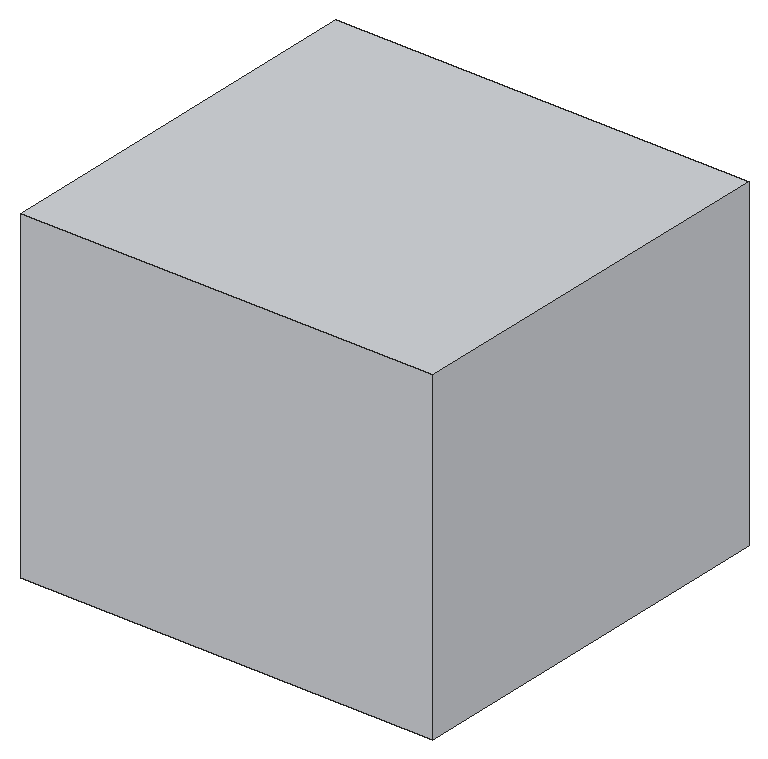
Revit family "OD_SE_Coffee Maker", category Specialty Equipment, Revit 2015
Reference planes (in)
  plane 1 "Center (Front/Back)": y = 0
  plane 2: z = 0
  plane 3 "Center (Left/Right)": x = 0
Forms (in)
  Extrusion 1, solid
    sketch origin (0, 0, 0) x (1, 0, 0) y (0, 1, 0)
      loop
        line (0, 0) -> (24, 0) -> (24, 23) -> (0, 23) -> (0, 0)
    from 0 to 19
Dimensions and locks (in)
  aligned and locked: level to plane 2
